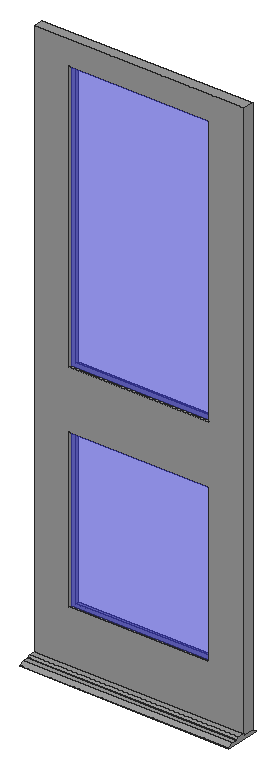
Revit family "WSD-500 DOOR-1-SF_v04", category Curtain Panels, Revit 2015
Parameters
  Width [instance] = 3' - 2"
  URL = "obe.com\r\nobe.com"
  Rough Width [instance] = 3' - 0"
  Offset [instance] = 0' - 1"
  Model = "WSD-500 DOOR"
  Min-Max Rough Width [instance] = if(and((Rough Width > 2' 11 255/256"), (Rough Width < 3' 6 1/256")), Rough Width, 3' 0")  # 3' - 0"
  Manufacturer = "Oldcastle BuildingEnvelope®"
  Keynote = "08 11 00"
  Hinge [instance] = yes
  Height [instance] = 8' - 0"
  Pushbar Height [instance] = 3' - 5 1/4"  # constant formula
  Glass Material = Glass
  Frame Material = Aluminum
  Door Panel Height [instance] = Height + 0' 0 1/2"  # 8' - 0 1/2"
  Description = "WSD-500 - 1\" Door Infill"
  Assembly Code = "B2030\r\n"
  Analytic Construction = "<None>"
  8 Muntin [instance] = not([6.5 Muntin])  # yes
  6.5 Muntin [instance] = no
Reference planes (in)
  plane 1 "Front": y = 0
  plane 2: z = 0
  plane 3 "Center (Left/Right)": x = 0
  plane 4 "Left": x = -19
  plane 5 "Right": x = 19
  plane 6 "Top": z = 96
  plane 7: x = 18
  plane 8: x = -18
Text (in)
  text "Exterior" at (-54.29358, 31.38743, 0), in view "Ref. Level"
  text "Exterior" at (480, 41.53993, 89.60405), in view "Right"
  text "Exterior" at (-240, 57.82419, 105.78864), in view "Left"
Dimensions and locks (in)
  equal spacing: plane 4 "Left", plane 3 "Center (Left/Right)", plane 5 "Right"
  "Width": plane 4 "Left" to plane 5 "Right"
  "Height": plane 6 "Top" to plane 2
  equal spacing: plane 8, plane 3 "Center (Left/Right)", plane 7
  "Min-Max Rough Width": plane 8 to plane 7
  aligned and locked: level to plane 2
  aligned and locked: plane 3 "Center (Left/Right)" to nested 1
  aligned and locked: plane 1 "Front" to nested 1
Nested families (in)
  nested 1: "WSD-500 DOOR-1-Panel_v03" at (0, -18.5, 0), Frame Material <- "Frame Material", Glass Material <- "Glass Material", 8 Muntin <- "8 Muntin", Hinge <- "Hinge", 6.5 Muntin <- "6.5 Muntin", Width <- "Min-Max Rough Width", Height <- "Door Panel Height", Offset <- "Offset", type "WSD-500 DOOR-1-Panel"
    with built-in parameter 1001301 3' - 0", Pushbar Height 3' - 5 1/4", Offset 0' - 1", Hinge yes, built-in parameter 1001300 8' - 0 1/2", Glass at Muntin 0' - 8 7/16", Glass Material Glass, Frame Material Aluminum, 8 Muntin yes, 6.5 Muntin no
Definition of nested family "WSD-500 DOOR-1-Panel_v03"
  Parameters (values of type "WSD-500 DOOR-1-Panel")
    Width [instance] = 3' - 0"
    Pushbar Height [instance] = 3' - 5 1/4"  # constant formula
    Offset [instance] = 0' - 1"
    Hinge [instance] = yes
    Height [instance] = 8' - 0"
    Glass at Muntin [instance] = if([6.5 Muntin], 0' 6 15/16", 0' 8 7/16")  # 0' - 6 15/16"
    Glass Material [instance] = none
    Frame Material [instance] = none
    Analytic Construction = "<None>"
    8 Muntin [instance] = not([6.5 Muntin])  # no
    6.5 Muntin [instance] = yes
  Reference planes (in)
    plane 1 "00": y = 16.54297
    plane 2: z = 0
    plane 3 "Center (Left/Right)": x = 0
    plane 4: z = 96
    plane 5: x = -18
    plane 6: x = 18
    plane 7 "Center (Front/Back)": y = 18.5
    plane 8 "Exterior": y = 16.82422
    plane 9: z = 48
    plane 10: z = 92.96875
    plane 11: z = 92.281
    plane 12: z = 8.90625
    plane 13: z = 37.78125
    plane 14: z = 44.71875
    plane 15: x = -12.781
    plane 16: x = 12.52845
    plane 17 "Offset": y = 17.5
    plane 18: z = 41.25
  Forms (in)
    Sweep 1, solid, material <- "Frame Material"
      path origin (0, 16.54297, 0) x (1, 0, 0) y (0, 0, 1)
        loop
          line (-17.891, 96) -> (17.63845, 96)
      profile origin (-0.12627, 16.54297, 96) x (0, 0, 1) y (0, -1, 0)
        loop
          line (-4.50328, -0.957) -> (-0.50328, -0.957) -> (-0.50328, 0.793) -> (-4.50328, 0.793) -> (-4.50328, 0.5) -> (-3.719, 0.5) -> (-3.719, -0.5) -> (-4.50328, -0.5) -> (-4.50328, -0.957)
    Sweep 2, solid, material <- "Frame Material"
      path origin (0, 16.54297, 0) x (1, 0, 0) y (0, 0, 1)
        loop
          line (17.63845, 0) -> (-17.891, 0)
      profile origin (-0.12627, 16.54297, 0) x (0, 0, -1) y (0, -1, 0)
        loop
          line (-9.6875, -0.957) -> (-0.6875, -0.957) -> (-0.6875, 0.793) -> (-9.6875, 0.793) -> (-9.6875, 0.5) -> (-8.9065, 0.5) -> (-8.9065, -0.5) -> (-9.6875, -0.5) -> (-9.6875, -0.957)
        loop
          line (-0.125, -1.707) -> (0, -1.707) -> (0, 3.918) -> (-0.125, 3.918) -> (-0.5, 3.168) -> (-0.5, 2.3005) -> (-0.562, 2.3005) -> (-0.844, 1.8115) -> (-0.844, 0.8165) -> (-0.5, 0.8165) -> (-0.5, -0.957) -> (-0.125, -1.707)
    Sweep 3, solid, material <- "Frame Material"
      path origin (0, 16.54297, 0) x (1, 0, 0) y (0, 0, 1)
        loop
          line (18, 95.49672) -> (18, 0.6875)
      profile origin (18, 16.54297, 48.09211) x (0, -1, 0) y (1, 0, 0)
        loop
          line (-0.957, -6.25255) -> (-0.5, -6.25255) -> (-0.5, -5.47155) -> (0.5, -5.47155) -> (0.5, -6.25255) -> (0.793, -6.25255) -> (0.793, -0.36155) -> (-0.957, -0.25255) -> (-0.957, -6.25255)
    Sweep 4, solid, material <- "Frame Material"
      path origin (0, 16.54297, 0) x (1, 0, 0) y (0, 0, 1)
        loop
          line (-18, 95.49672) -> (-18, 0.6875)
      profile origin (-18, 16.54297, 48.09211) x (0, -1, 0) y (1, 0, 0)
        loop
          line (-0.957, 0) -> (0.793, 0.109) -> (0.793, 6) -> (0.5, 6) -> (0.5, 5.219) -> (-0.5, 5.219) -> (-0.5, 6) -> (-0.957, 6) -> (-0.957, 0)
    Sweep 5, solid, material <- "Frame Material"
      path origin (0, 16.54297, 0) x (1, 0, 0) y (0, 0, 1)
        loop
          line (17.63845, 48) -> (-17.891, 48)
      profile origin (-0.12627, 16.54297, 48) x (0, 0, -1) y (0, -1, 0)
        loop
          line (11.00025, -0.957) -> (11.00025, -0.5) -> (10.21875, -0.5) -> (10.21875, 0.5) -> (11.00025, 0.5) -> (11.00025, 0.793) -> (2.50025, 0.793) -> (2.50025, 0.5) -> (3.28125, 0.5) -> (3.28125, -0.50555) -> (2.50025, -0.50555) -> (2.50025, -0.957) -> (11.00025, -0.957)
    Extrusion 6, solid, material <- "Glass Material", detail levels coarse
      sketch origin (0, 0, 0) x (1, 0, 0) y (0, 1, 0)
        loop
          line (-12.781, 17.04297) -> (-12.781, 16.04297) -> (12.52845, 16.04297) -> (12.52845, 17.04297) -> (-12.781, 17.04297)
      from 44.71875 to 92.281
    Extrusion 7, solid, material <- "Glass Material", detail levels medium+fine
      sketch origin (0, 0, 0) x (1, 0, 0) y (0, 1, 0)
        loop
          line (12.52845, 17.04297) -> (-12.781, 17.04297) -> (-12.781, 16.84297) -> (12.52845, 16.84297) -> (12.52845, 17.04297)
        loop
          line (-12.781, 16.47297) -> (-12.781, 16.27297) -> (12.52845, 16.27297) -> (12.52845, 16.47297) -> (-12.781, 16.47297)
        loop
          line (12.52845, 16.24297) -> (-12.781, 16.24297) -> (-12.781, 16.04297) -> (12.52845, 16.04297) -> (12.52845, 16.24297)
      from 44.71875 to 92.281
    Extrusion 8, solid, material <- "Glass Material", detail levels coarse
      sketch origin (0, 0, 0) x (1, 0, 0) y (0, 1, 0)
        loop
          line (-12.781, 17.04297) -> (-12.781, 16.04297) -> (12.52845, 16.04297) -> (12.52845, 17.04297) -> (-12.781, 17.04297)
      from 8.90625 to 37.78125
    Extrusion 9, solid, material <- "Glass Material", detail levels medium+fine
      sketch origin (0, 0, 0) x (1, 0, 0) y (0, 1, 0)
        loop
          line (12.52845, 17.04297) -> (-12.781, 17.04297) -> (-12.781, 16.84297) -> (12.52845, 16.84297) -> (12.52845, 17.04297)
        loop
          line (-12.781, 16.47297) -> (-12.781, 16.27297) -> (12.52845, 16.27297) -> (12.52845, 16.47297) -> (-12.781, 16.47297)
        loop
          line (12.52845, 16.24297) -> (-12.781, 16.24297) -> (-12.781, 16.04297) -> (12.52845, 16.04297) -> (12.52845, 16.24297)
      from 8.90625 to 37.78125
  Cuts and joins
    joined: Sweep 1, Sweep 2, Sweep 3, Sweep 4, Sweep 5
  Lines and regions (in)
    model lines
      curve 1: line (12.11845, 16.82422, 91.871) -> (-12.371, 16.82422, 48)
      curve 2: line (-12.371, 16.82422, 48) -> (12.11845, 16.82422, 9.4375)
  Dimensions and locks (in)
    equal spacing: level, plane 9, plane 4
    locked: Sweep 3 sketch curve to plane 4 at 0.50328
    locked: Sweep 4 sketch curve to plane 4 at 0.50328
    locked: plane 4 to plane 10 at 3.03125
    "Glass at Muntin": plane 13 to plane 14
    locked: plane 11 to plane 4 at 3.719
    plane 12 to plane 2 = 0' - 8 29/32"
    "Height": plane 4 to plane 2
    locked: plane 5 to plane 15 at 5.219
    locked: plane 16 to plane 6 at 5.47155
    locked: plane 6 to Sweep 2 sketch curve at 0.36155
    equal spacing: plane 5, plane 3 "Center (Left/Right)", plane 6
    "Width": plane 5 to plane 6
    locked: plane 6 to Sweep 5 sketch curve at 0.36155
    locked: plane 6 to Sweep 1 sketch curve at 0.36155
    locked: plane 14 to Sweep 5 sketch curve at 0.781  (x2)
    locked: Sweep 5 sketch curve to plane 13 at 0.7815
    locked: plane 13 to Sweep 5 sketch curve at 0.7815
    plane 1 "00" to plane 8 "Exterior" to plane 17 "Offset" = 0' - 0 9/32" locked, 0' - 0 173/256" locked
    "Offset": plane 17 "Offset" to plane 7 "Center (Front/Back)"
    locked: Sweep 2 sketch curve to plane 5 at 0.109
    locked: Sweep 5 sketch curve to plane 5 at 0.109
    locked: Sweep 1 sketch curve to plane 5 at 0.109
    equal spacing: plane 13, plane 18, plane 14
    "Pushbar Height": plane 2 to plane 18
    locked: nested 1 to plane 17 "Offset" at 0.88317
    Extrusion 7 sketch curve to Extrusion 7 sketch curve to Extrusion 7 sketch curve to Extrusion 7 sketch curve to Extrusion 7 sketch curve to Extrusion 7 sketch curve to plane 17 "Offset" = 0' - 0.2" locked, 0' - 0.03" locked, 0' - 0.2" locked, 0' - 0.37" locked, 0' - 0.2" locked, 0' - 0 117/256" locked
    Extrusion 6 sketch curve to Extrusion 6 sketch curve to plane 17 "Offset" = 0' - 1" locked, 0' - 0 117/256" locked
    Extrusion 9 sketch curve to Extrusion 9 sketch curve to Extrusion 9 sketch curve to Extrusion 9 sketch curve to Extrusion 9 sketch curve to Extrusion 9 sketch curve to plane 17 "Offset" = 0' - 0.2" locked, 0' - 0.03" locked, 0' - 0.2" locked, 0' - 0.37" locked, 0' - 0.2" locked, 0' - 0 117/256" locked
    Extrusion 8 sketch curve to Extrusion 8 sketch curve to plane 17 "Offset" = 0' - 1" locked, 0' - 0 117/256" locked
    locked: plane 2 to Sweep 3 sketch curve at 0.6875
    locked: plane 2 to Sweep 4 sketch curve at 0.6875
    aligned and locked: plane 2 to level
    aligned and locked: plane 3 "Center (Left/Right)" to nested 1
    aligned and locked: Sweep 1 sketch curve to plane 4
    aligned and locked: Sweep 2 sketch curve to level
    aligned and locked: level to nested 2
    aligned and locked: Sweep 5 sketch curve to plane 9
    aligned and locked: Extrusion 7 to plane 11
    aligned and locked: Extrusion 6 to plane 11
    aligned and locked: plane 14 to Extrusion 7
    aligned and locked: plane 14 to Extrusion 6
    aligned and locked: Extrusion 8 to plane 13
    aligned and locked: Extrusion 9 to plane 13
    aligned and locked: plane 12 to Extrusion 9
    aligned and locked: plane 12 to Extrusion 8
    aligned and locked: Sweep 3 sketch curve to plane 6
    aligned and locked: Sweep 4 sketch curve to plane 5
    aligned and locked: plane 16 to Extrusion 6 sketch curve
    aligned and locked: Extrusion 6 sketch curve to plane 15
    aligned and locked: Extrusion 8 sketch curve to plane 15
    aligned and locked: plane 16 to Extrusion 8 sketch curve
    aligned and locked: nested 2 to plane 1 "00"
    aligned and locked: plane 16 to Extrusion 9  (x3)
    aligned and locked: Extrusion 9 to plane 15  (x2)
    aligned and locked: plane 16 to Extrusion 7 sketch curve  (x2)
    aligned and locked: Extrusion 7 sketch curve to plane 16
    aligned and locked: Extrusion 7 sketch curve to plane 15  (x2)
    aligned and locked: plane 15 to Extrusion 7 sketch curve
    aligned and locked: plane 16 to Extrusion 9 sketch curve  (x2)
    aligned and locked: Extrusion 9 sketch curve to plane 16
    aligned and locked: Extrusion 9 sketch curve to plane 15  (x2)
    aligned and locked: plane 15 to Extrusion 9 sketch curve
  Automatic sketch dimensions
    curve 2 to plane 9 = 0' - 0"
    curve 2 to plane 16 = 0' - 0.41"
    curve 1 to plane 16 = 0' - 0.41"
    curve 2 to plane 12 = 0' - 0 17/32"
    plane 11 to curve 1 = 0' - 0.41"
    plane 15 to curve 2 = 0' - 0.41"
    Sweep 1 sketch curve to plane 1 "00" = 0' - 0.957"
    profile plane to Sweep 1 sketch curve = 0' - 4.50328"
    Sweep 1 sketch curve to Sweep 1 sketch curve = 0' - 0"
    Sweep 1 sketch curve to Sweep 1 sketch curve = 0' - 0.78428"
    profile plane to Sweep 1 sketch curve = 0' - 0.50328"
    Sweep 1 sketch curve to Sweep 1 sketch curve = 0' - 0.457"
    plane 1 "00" to Sweep 1 sketch curve = 0' - 0 1/2"
    Sweep 1 sketch curve to Sweep 1 sketch curve = 0' - 0.293"
    Sweep 5 sketch curve to Sweep 5 sketch curve = 0' - 0.781"
    Sweep 5 sketch curve to Sweep 5 sketch curve = 0' - 0.7815"
    Sweep 5 sketch curve to plane 1 "00" = 0' - 0.957"
    Sweep 5 sketch curve to plane 1 "00" = 0' - 0.50555"
    Sweep 5 sketch curve to plane 1 "00" = 0' - 0 1/2"
    plane 1 "00" to Sweep 5 sketch curve = 0' - 0 1/2"  (x2)
    Sweep 5 sketch curve to Sweep 5 sketch curve = 0' - 0.293"
    Sweep 2 sketch curve to profile plane = 0' - 0"
    Sweep 2 sketch curve to Sweep 2 sketch curve = 0' - 0.282"
    plane 1 "00" to Sweep 2 sketch curve = 0' - 0 1/2"
    Sweep 2 sketch curve to Sweep 2 sketch curve = 0' - 8.8435"
    Sweep 2 sketch curve to Sweep 2 sketch curve = 0' - 0"  (x2)
    Sweep 2 sketch curve to Sweep 2 sketch curve = 0' - 1.0185"
    Sweep 2 sketch curve to Sweep 2 sketch curve = 0' - 0.489"
    profile plane to Sweep 2 sketch curve = 0' - 0 1/8"  (x2)
    profile plane to Sweep 2 sketch curve = 0' - 0 1/2"
    Sweep 2 sketch curve to Sweep 2 sketch curve = 0' - 0.062"
    Sweep 2 sketch curve to Sweep 2 sketch curve = 0' - 0.781"
    Sweep 2 sketch curve to plane 1 "00" = 0' - 0 1/2"
    Sweep 2 sketch curve to Sweep 2 sketch curve = 0' - 0 3/4"  (x2)
    Sweep 2 sketch curve to Sweep 2 sketch curve = 0' - 0.457"
    Sweep 2 sketch curve to Sweep 2 sketch curve = 0' - 0.8675"
    Sweep 2 sketch curve to Sweep 2 sketch curve = 0' - 0.293"
    Sweep 4 sketch curve to profile plane = 0' - 0"
    Sweep 4 sketch curve to plane 1 "00" = 0' - 0.957"
    Sweep 4 sketch curve to Sweep 4 sketch curve = 0' - 0.457"
    plane 1 "00" to Sweep 4 sketch curve = 0' - 0 1/2"
    Sweep 4 sketch curve to Sweep 4 sketch curve = 0' - 0.293"
    Sweep 4 sketch curve to profile plane = 0' - 0.109"
    Sweep 4 sketch curve to Sweep 4 sketch curve = 0' - 5.11"
    Sweep 4 sketch curve to Sweep 4 sketch curve = 0' - 0.781"  (x2)
    profile plane to Sweep 3 sketch curve = 0' - 0.25255"
    Sweep 3 sketch curve to plane 1 "00" = 0' - 0.957"
    Sweep 3 sketch curve to Sweep 3 sketch curve = 0' - 0.457"
    plane 1 "00" to Sweep 3 sketch curve = 0' - 0 1/2"
    Sweep 3 sketch curve to Sweep 3 sketch curve = 0' - 0.293"
    profile plane to Sweep 3 sketch curve = 0' - 0.36155"
    Sweep 3 sketch curve to Sweep 3 sketch curve = 0' - 5.11"
    Sweep 3 sketch curve to Sweep 3 sketch curve = 0' - 0.781"  (x2)
    Sweep 2 sketch curve to Sweep 2 sketch curve = 0' - 0.1565"
    Sweep 2 sketch curve to Sweep 2 sketch curve = 0' - 0 3/16"
    Sweep 2 sketch curve to Sweep 2 sketch curve = 0' - 0.0235"
  Nested families (in)
    nested 1: "WSD-500 DOOR-1-Plan View" at (0, 16.61683, 0), Width <- "Width", Hinge <- "Hinge", type "WSD-500 DOOR-1-Plan View"
      with Width 3' - 0", Hinge yes
    nested 2: "WSD-500 DOOR-1-Section_v02" at (0, 16.54297, 0) x (0, -1, 0) z (1, 0, 0), Height <- "Height", 8 Muntin <- "8 Muntin", 6.5 Muntin <- "6.5 Muntin", type "WSD-500 DOOR-1-Section_v02"
      with Pushbar Height 3' - 5 1/4", Height 8' - 0", Glass at Muntins 0' - 6 15/16", 8 Muntin no, 6.5 Muntin yes
  Definition of nested family "WSD-500 DOOR-1-Plan View"
    Parameters (values of type "WSD-500 DOOR-1-Plan View")
      Width [instance] = 2' - 9 1/2"
      Hinge [instance] = yes
    Reference planes (in)
      plane 1 "Center (Front/Back)": y = 0
      plane 2: z = 0
      plane 3 "Center (Left/Right)": x = 0
      plane 4: x = -16.75
      plane 5: x = 16.75
      plane 6: x = 15.34122
      plane 7: y = 33.5
      plane 8: y = 28.281
      plane 9: y = 6.63756
      plane 10: x = 11.27845
      plane 11: x = -11.531
    Lines and regions (in)
      detail lines, in view "Ref. Level"
        curve 1: arc (-16.75, 0.957, 0) -> (-6.8129, 23.83182, 0) -> (16.17322, 33.5087, 0) r 33.51367
    Dimensions and locks (in)
      "Width": plane 4 to plane 5
      equal spacing: plane 4, plane 3 "Center (Left/Right)", plane 5
      "Width": plane 1 "Center (Front/Back)" to plane 7
      plane 10 to plane 6 to plane 5 to nested 7 to nested 2 = 0' - 4.06276" locked, 0' - 1.40878" locked, 0' - 2 1/4" locked, 0' - 0.18445" locked
      nested 3 to plane 7 to plane 8 = 0' - 2.687" locked, 0' - 5.219" locked
      nested 4 to plane 4 to plane 11 = 0' - 2.687" locked, 0' - 5.219" locked
      plane 9 to plane 1 "Center (Front/Back)" to nested 7 to nested 1 = 0' - 6.63756" locked, 0' - 0.02563" locked, 0' - 1.24281" locked
      aligned and locked: plane 1 "Center (Front/Back)" to nested 4
      aligned and locked: plane 6 to nested 3
      aligned and locked: nested 1 to plane 6
      aligned and locked: plane 1 "Center (Front/Back)" to nested 6
      aligned and locked: plane 10 to nested 6
      aligned and locked: nested 6 to plane 11
      aligned and locked: nested 5 to plane 6
      aligned and locked: nested 5 to plane 9
      aligned and locked: plane 8 to nested 5
    Automatic sketch dimensions
      curve 1 to plane 4 = 0' - 0"
      plane 1 "Center (Front/Back)" to curve 1 = 0' - 0"
      curve 1 to plane 5 = 0' - 0"
      curve 1 to plane 7 = 0' - 0.0087"
      curve 1 to plane 5 = 0' - 0.57678"
    Nested families (in)
      nested 1: "HINGE STILE-DI" at (15.34122, -1.26844, 0) x (0, 1, 0) z (0, 0, 1), type "HINGE STILE-DI", in view "Ref. Level"
      nested 2: "HINGE STILE-DI" at (19.18445, 0, 0) x (-1, 0, 0) z (0, 0, 1), type "HINGE STILE-DI", in view "Ref. Level", not visible
      nested 3: "HINGE STILE-DI" at (15.34122, 36.187, 0) x (0, -1, 0) z (0, 0, 1), type "HINGE STILE-DI", in view "Ref. Level"
      nested 4: "HINGE STILE-DI" at (-19.437, 0, 0), type "HINGE STILE-DI", in view "Ref. Level", not visible
      nested 5: "Glass-DI" at (15.34122, 6.63756, 0) x (0, 1, 0) z (0, 0, 1), type "Glass-DI", in view "Ref. Level"
        with Glass Width 1' - 9.64344"
      nested 6: "Glass-DI" at (-11.531, 0, 0), type "Glass-DI", in view "Ref. Level", not visible
        with Glass Width 1' - 10.80945"
      nested 7: "HINGE-DI1" at (19, -0.02563, 0) x (-1, 0, 0) z (0, 0, 1), visible <- "Hinge", type "HINGE-DI 2", in view "Ref. Level"
    Definition of nested family "HINGE STILE-DI"
      Reference planes (in)
        plane 1 "Center (Front/Back)": y = 0
        plane 2: z = 0
        plane 3 "Center (Left/Right)": x = 0
      Lines and regions (in)
        detail lines, in view "Ref. Level"
          curve 1: line (8.687, 0.793, 0) -> (2.91346, 0.793, 0)
          curve 2: arc (2.91346, 0.793, 0) -> (2.82786, 0.75909, 0) -> (2.7887, 0.67577, 0) r 0.125
          curve 3: line (2.7887, 0.67577, 0) -> (2.687, -0.957, 0)
          curve 4: line (2.687, -0.957, 0) -> (8.687, -0.957, 0)
          curve 5: line (8.687, -0.957, 0) -> (8.687, -0.5, 0)
          curve 6: line (8.687, -0.5, 0) -> (7.906, -0.5, 0)
          curve 7: line (7.906, -0.5, 0) -> (7.906, 0.5, 0)
          curve 8: line (7.906, 0.5, 0) -> (8.687, 0.5, 0)
          curve 9: line (8.687, 0.5, 0) -> (8.687, 0.793, 0)
    Definition of nested family "Glass-DI"
      Parameters (values of type "Glass-DI")
        Glass Width [instance] = 1' - 1.156"
      Reference planes (in)
        plane 1 "Center (Front/Back)": y = 0
        plane 2: z = 0
        plane 3 "Center (Left/Right)": x = 0
        plane 4: x = 13.156
      Lines and regions (in)
        detail lines, in view "Ref. Level"
          curve 1: line (0, -0.5, 0) -> (13.156, -0.5, 0)
          curve 14: line (0, 0.5, 0) -> (13.156, 0.5, 0)
        detail lines, in view "Ref. Level", detail levels fine
          curve 2: line (0, -0.45, 0) -> (13.156, -0.45, 0)
          curve 3: line (0, -0.4, 0) -> (13.156, -0.4, 0)
          curve 4: line (0, -0.35, 0) -> (13.156, -0.35, 0)
          curve 7: line (0, 0.12, 0) -> (13.156, 0.12, 0)
          curve 8: line (0, 0.17, 0) -> (13.156, 0.17, 0)
          curve 9: line (0, 0.22, 0) -> (13.156, 0.22, 0)
          curve 11: line (0, 0.35, 0) -> (13.156, 0.35, 0)
          curve 12: line (0, 0.4, 0) -> (13.156, 0.4, 0)
          curve 13: line (0, 0.45, 0) -> (13.156, 0.45, 0)
        detail lines, in view "Ref. Level", detail levels medium+fine
          curve 5: line (0, -0.3, 0) -> (13.156, -0.3, 0)
          curve 6: line (0, 0.07, 0) -> (13.156, 0.07, 0)
          curve 10: line (0, 0.27, 0) -> (13.156, 0.27, 0)
          curve 15: line (0, 0.3, 0) -> (13.156, 0.3, 0)
      Dimensions and locks (in)
        "Glass Width": plane 3 "Center (Left/Right)" to plane 4
        aligned and locked: plane 4 to curve 1
        aligned and locked: plane 4 to curve 2
        aligned and locked: plane 4 to curve 3
        aligned and locked: plane 4 to curve 4
        aligned and locked: plane 4 to curve 5
        aligned and locked: plane 4 to curve 6
        aligned and locked: plane 4 to curve 7
        aligned and locked: plane 4 to curve 8
        aligned and locked: plane 4 to curve 9
        aligned and locked: plane 4 to curve 10
        aligned and locked: plane 4 to curve 15
        aligned and locked: plane 4 to curve 11
        aligned and locked: plane 4 to curve 12
        aligned and locked: plane 4 to curve 13
        aligned and locked: plane 4 to curve 14
        aligned and locked: plane 3 "Center (Left/Right)" to curve 2
        aligned and locked: plane 3 "Center (Left/Right)" to curve 1
        aligned and locked: plane 3 "Center (Left/Right)" to curve 5
        aligned and locked: plane 3 "Center (Left/Right)" to curve 4
        aligned and locked: plane 3 "Center (Left/Right)" to curve 3
        aligned and locked: plane 3 "Center (Left/Right)" to curve 7
        aligned and locked: plane 3 "Center (Left/Right)" to curve 6
        aligned and locked: plane 3 "Center (Left/Right)" to curve 8
        aligned and locked: plane 3 "Center (Left/Right)" to curve 10
        aligned and locked: plane 3 "Center (Left/Right)" to curve 9
        aligned and locked: plane 3 "Center (Left/Right)" to curve 15
        aligned and locked: plane 3 "Center (Left/Right)" to curve 13
        aligned and locked: plane 3 "Center (Left/Right)" to curve 12
        aligned and locked: plane 3 "Center (Left/Right)" to curve 11
        aligned and locked: plane 3 "Center (Left/Right)" to curve 14
      Automatic sketch dimensions
        plane 1 "Center (Front/Back)" to curve 1 = 0' - 0 1/2"
        curve 15 to plane 1 "Center (Front/Back)" = 0' - 0.3"
        curve 1 to curve 2 = 0' - 0.05"
        curve 2 to curve 3 = 0' - 0.05"
        curve 3 to curve 4 = 0' - 0.05"
        curve 4 to curve 5 = 0' - 0.05"
        curve 6 to plane 1 "Center (Front/Back)" = 0' - 0.07"
        curve 6 to curve 7 = 0' - 0.05"
        curve 7 to curve 8 = 0' - 0.05"
        curve 8 to curve 9 = 0' - 0.05"
        curve 10 to curve 15 = 0' - 0.03"
        curve 15 to curve 11 = 0' - 0.05"
        curve 11 to curve 12 = 0' - 0.05"
        curve 12 to curve 13 = 0' - 0.05"
        curve 13 to curve 14 = 0' - 0.05"
    Definition of nested family "HINGE-DI1"
      Reference planes (in)
        plane 1 "Center (Front/Back)": y = 0
        plane 2: z = 0
        plane 3 "Center (Left/Right)": x = 0
  Definition of nested family "WSD-500 DOOR-1-Section_v02"
    Parameters (values of type "WSD-500 DOOR-1-Section_v02")
      Pushbar Height [instance] = 3' - 5 1/4"  # constant formula
      Height [instance] = 6' - 0"
      Glass at Muntins [instance] = if([6.5 Muntin], 0' 6 15/16", 0' 8 7/16")  # 0' - 6 15/16"
      8 Muntin [instance] = not([6.5 Muntin])  # no
      6.5 Muntin [instance] = yes
    Reference planes (in)
      plane 1 "Center (Front/Back)": y = 0
      plane 2: z = 0
      plane 3 "Center (Left/Right)": x = 0
      plane 4: y = 8.9065
      plane 5: y = 68.281
      plane 6: y = 72
      plane 7: y = 44.71875
      plane 8: y = 37.78125
      plane 9: y = 45.49975
      plane 10: y = 41.25
    Dimensions and locks (in)
      locked: plane 4 to plane 1 "Center (Front/Back)" at 8.9065
      "Height": plane 6 to plane 1 "Center (Front/Back)"
      locked: plane 7 to plane 9 at 0.781
      "Glass at Muntins": plane 8 to plane 7
      nested 1 to plane 6 to plane 5 = 0' - 3 1/4" locked, 0' - 3.719" locked
      equal spacing: plane 8, plane 10, plane 7
      "Pushbar Height": plane 1 "Center (Front/Back)" to plane 10
      aligned and locked: plane 3 "Center (Left/Right)" to nested 1
      aligned and locked: plane 3 "Center (Left/Right)" to nested 2
      aligned and locked: plane 9 to nested 3
      aligned and locked: plane 3 "Center (Left/Right)" to nested 3
      aligned and locked: plane 9 to nested 4
      aligned and locked: plane 3 "Center (Left/Right)" to nested 4
      aligned and locked: plane 4 to nested 5
      aligned and locked: plane 8 to nested 5
      aligned and locked: nested 5 to plane 3 "Center (Left/Right)"
      aligned and locked: nested 6 to plane 5
      aligned and locked: nested 6 to plane 3 "Center (Left/Right)"
      aligned and locked: plane 1 "Center (Front/Back)" to nested 2
      aligned and locked: nested 6 to plane 7
    Nested families (in)
      nested 1: "TOP RAIL-DI" at (0, 75.25, 0), type "TOP RAIL-DI", in view "Ref. Level"
      nested 2: "BOTTOM RAIL-DI" at (0, 9.6875, 0), type "BOTTOM RAIL-DI", in view "Ref. Level"
      nested 3: "6.5 MUNTIN-DI" at (0, 45.49975, 0), visible <- "6.5 Muntin", type "6.5 MUNTIN-DI", in view "Ref. Level"
      nested 4: "8 MUNTIN-DI" at (0, 45.49975, 0), visible <- "8 Muntin", type "8 MUNTIN-DI", in view "Ref. Level"
      nested 5: "Glass-DI" at (0, 37.78125, 0) x (0, -1, 0) z (0, 0, 1), type "Glass-DI", in view "Ref. Level"
        with Glass Width 2' - 4.87475"
      nested 6: "Glass-DI" at (0, 68.281, 0) x (0, -1, 0) z (0, 0, 1), type "Glass-DI", in view "Ref. Level"
        with Glass Width 1' - 11.56225"
    Definition of nested family "TOP RAIL-DI"
      Reference planes (in)
        plane 1 "Center (Front/Back)": y = 0
        plane 2: z = 0
        plane 3 "Center (Left/Right)": x = 0
      Lines and regions (in)
        detail lines, in view "Ref. Level"
          curve 1: line (-0.957, -7.75, 0) -> (-0.957, -3.75, 0)
          curve 2: line (-0.957, -3.75, 0) -> (0.793, -3.75, 0)
          curve 3: line (0.793, -3.75, 0) -> (0.793, -7.75, 0)
          curve 4: line (0.793, -7.75, 0) -> (0.5, -7.75, 0)
          curve 5: line (0.5, -7.75, 0) -> (0.5, -6.969, 0)
          curve 6: line (0.5, -6.969, 0) -> (-0.5, -6.969, 0)
          curve 7: line (-0.5, -6.969, 0) -> (-0.5, -7.75, 0)
          curve 8: line (-0.5, -7.75, 0) -> (-0.957, -7.75, 0)
    Definition of nested family "BOTTOM RAIL-DI"
      Reference planes (in)
        plane 1 "Center (Front/Back)": y = 0
        plane 2: z = 0
        plane 3 "Center (Left/Right)": x = 0
      Lines and regions (in)
        detail lines, in view "Ref. Level"
          curve 1: line (-0.957, -9.1875, 0) -> (-0.957, 0, 0)
          curve 2: line (-0.957, 0, 0) -> (-0.5, 0, 0)
          curve 3: line (-0.5, 0, 0) -> (-0.5, -0.781, 0)
          curve 4: line (-0.5, -0.781, 0) -> (0.5, -0.781, 0)
          curve 5: line (0.5, -0.781, 0) -> (0.5, 0, 0)
          curve 6: line (0.5, 0, 0) -> (0.793, 0, 0)
          curve 7: line (0.793, 0, 0) -> (0.793, -9.1875, 0)
          curve 8: line (0.793, -9, 0) -> (-0.957, -9, 0)
          curve 9: line (0.793, -9.1875, 0) -> (3.168, -9.1875, 0)
          curve 10: line (3.168, -9.1875, 0) -> (3.918, -9.5625, 0)
          curve 11: line (3.918, -9.5625, 0) -> (3.918, -9.6875, 0)
          curve 12: line (3.918, -9.6875, 0) -> (-1.707, -9.6875, 0)
          curve 13: line (-1.707, -9.6875, 0) -> (-1.707, -9.5625, 0)
          curve 14: line (-1.707, -9.5625, 0) -> (-0.957, -9.1875, 0)
    Definition of nested family "6.5 MUNTIN-DI"
      Reference planes (in)
        plane 1 "Center (Front/Back)": y = 0
        plane 2: z = 0
        plane 3 "Center (Left/Right)": x = 0
      Lines and regions (in)
        detail lines, in view "Ref. Level"
          curve 1: line (0.793, 0, 0) -> (0.793, -8.5, 0)
          curve 2: line (0.793, -8.5, 0) -> (0.5, -8.5, 0)
          curve 3: line (0.5, -8.5, 0) -> (0.5, -7.719, 0)
          curve 4: line (0.5, -7.719, 0) -> (-0.5, -7.719, 0)
          curve 5: line (-0.5, -7.719, 0) -> (-0.5, -8.5, 0)
          curve 6: line (-0.5, -8.5, 0) -> (-0.957, -8.5, 0)
          curve 7: line (-0.957, -8.5, 0) -> (-0.957, 0, 0)
          curve 8: line (-0.957, 0, 0) -> (-0.5, 0, 0)
          curve 9: line (-0.5, 0, 0) -> (-0.5, -0.781, 0)
          curve 10: line (-0.5, -0.781, 0) -> (0.5, -0.781, 0)
          curve 11: line (0.5, -0.781, 0) -> (0.5, 0, 0)
          curve 12: line (0.5, 0, 0) -> (0.793, 0, 0)
    Definition of nested family "8 MUNTIN-DI"
      Reference planes (in)
        plane 1 "Center (Front/Back)": y = 0
        plane 2: z = 0
        plane 3 "Center (Left/Right)": x = 0
      Lines and regions (in)
        detail lines, in view "Ref. Level"
          curve 1: line (0.793, 0, 0) -> (0.793, -10, 0)
          curve 2: line (0.793, -10, 0) -> (0.5, -10, 0)
          curve 3: line (0.5, -10, 0) -> (0.5, -9.219, 0)
          curve 4: line (0.5, -9.219, 0) -> (-0.5, -9.219, 0)
          curve 5: line (-0.5, -9.219, 0) -> (-0.5, -10, 0)
          curve 6: line (-0.5, -10, 0) -> (-0.957, -10, 0)
          curve 7: line (-0.957, -10, 0) -> (-0.957, 0, 0)
          curve 8: line (-0.957, 0, 0) -> (-0.5, 0, 0)
          curve 9: line (-0.5, 0, 0) -> (-0.5, -0.781, 0)
          curve 10: line (-0.5, -0.781, 0) -> (0.5, -0.781, 0)
          curve 11: line (0.5, -0.781, 0) -> (0.5, 0, 0)
          curve 12: line (0.5, 0, 0) -> (0.793, 0, 0)
    Definition of nested family "Glass-DI"
      Parameters (values of type "Glass-DI")
        Glass Width [instance] = 1' - 1.156"
      Reference planes (in)
        plane 1 "Center (Front/Back)": y = 0
        plane 2: z = 0
        plane 3 "Center (Left/Right)": x = 0
        plane 4: x = 13.156
      Lines and regions (in)
        detail lines, in view "Ref. Level"
          curve 1: line (0, -0.5, 0) -> (13.156, -0.5, 0)
          curve 14: line (0, 0.5, 0) -> (13.156, 0.5, 0)
        detail lines, in view "Ref. Level", detail levels fine
          curve 2: line (0, -0.45, 0) -> (13.156, -0.45, 0)
          curve 3: line (0, -0.4, 0) -> (13.156, -0.4, 0)
          curve 4: line (0, -0.35, 0) -> (13.156, -0.35, 0)
          curve 7: line (0, 0.12, 0) -> (13.156, 0.12, 0)
          curve 8: line (0, 0.17, 0) -> (13.156, 0.17, 0)
          curve 9: line (0, 0.22, 0) -> (13.156, 0.22, 0)
          curve 11: line (0, 0.35, 0) -> (13.156, 0.35, 0)
          curve 12: line (0, 0.4, 0) -> (13.156, 0.4, 0)
          curve 13: line (0, 0.45, 0) -> (13.156, 0.45, 0)
        detail lines, in view "Ref. Level", detail levels medium+fine
          curve 5: line (0, -0.3, 0) -> (13.156, -0.3, 0)
          curve 6: line (0, 0.07, 0) -> (13.156, 0.07, 0)
          curve 10: line (0, 0.27, 0) -> (13.156, 0.27, 0)
          curve 15: line (0, 0.3, 0) -> (13.156, 0.3, 0)
      Dimensions and locks (in)
        "Glass Width": plane 3 "Center (Left/Right)" to plane 4
        aligned and locked: plane 4 to curve 1
        aligned and locked: plane 4 to curve 2
        aligned and locked: plane 4 to curve 3
        aligned and locked: plane 4 to curve 4
        aligned and locked: plane 4 to curve 5
        aligned and locked: plane 4 to curve 6
        aligned and locked: plane 4 to curve 7
        aligned and locked: plane 4 to curve 8
        aligned and locked: plane 4 to curve 9
        aligned and locked: plane 4 to curve 10
        aligned and locked: plane 4 to curve 15
        aligned and locked: plane 4 to curve 11
        aligned and locked: plane 4 to curve 12
        aligned and locked: plane 4 to curve 13
        aligned and locked: plane 4 to curve 14
        aligned and locked: plane 3 "Center (Left/Right)" to curve 2
        aligned and locked: plane 3 "Center (Left/Right)" to curve 1
        aligned and locked: plane 3 "Center (Left/Right)" to curve 5
        aligned and locked: plane 3 "Center (Left/Right)" to curve 4
        aligned and locked: plane 3 "Center (Left/Right)" to curve 3
        aligned and locked: plane 3 "Center (Left/Right)" to curve 7
        aligned and locked: plane 3 "Center (Left/Right)" to curve 6
        aligned and locked: plane 3 "Center (Left/Right)" to curve 8
        aligned and locked: plane 3 "Center (Left/Right)" to curve 10
        aligned and locked: plane 3 "Center (Left/Right)" to curve 9
        aligned and locked: plane 3 "Center (Left/Right)" to curve 15
        aligned and locked: plane 3 "Center (Left/Right)" to curve 13
        aligned and locked: plane 3 "Center (Left/Right)" to curve 12
        aligned and locked: plane 3 "Center (Left/Right)" to curve 11
        aligned and locked: plane 3 "Center (Left/Right)" to curve 14
      Automatic sketch dimensions
        plane 1 "Center (Front/Back)" to curve 1 = 0' - 0 1/2"
        curve 15 to plane 1 "Center (Front/Back)" = 0' - 0.3"
        curve 1 to curve 2 = 0' - 0.05"
        curve 2 to curve 3 = 0' - 0.05"
        curve 3 to curve 4 = 0' - 0.05"
        curve 4 to curve 5 = 0' - 0.05"
        curve 6 to plane 1 "Center (Front/Back)" = 0' - 0.07"
        curve 6 to curve 7 = 0' - 0.05"
        curve 7 to curve 8 = 0' - 0.05"
        curve 8 to curve 9 = 0' - 0.05"
        curve 10 to curve 15 = 0' - 0.03"
        curve 15 to curve 11 = 0' - 0.05"
        curve 11 to curve 12 = 0' - 0.05"
        curve 12 to curve 13 = 0' - 0.05"
        curve 13 to curve 14 = 0' - 0.05"
